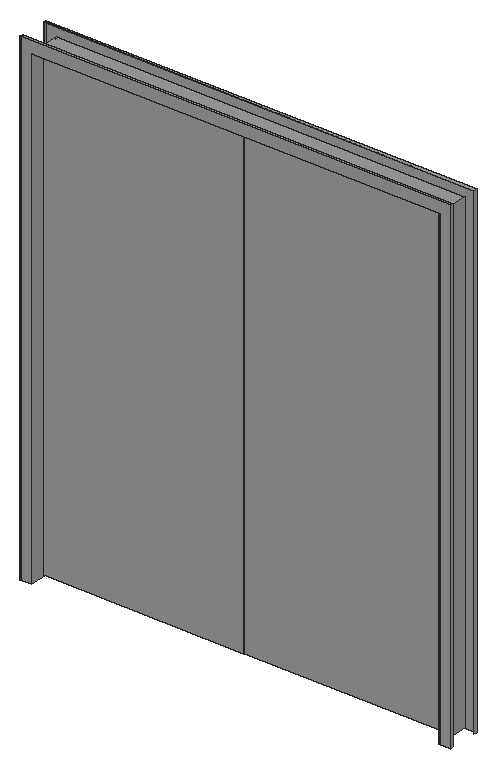
Revit family "gdlr200508_MMIDoor-COP", category Doors, host Wall, Revit 2014 (continued)
Automatic sketch dimensions
  Sweep 7 sketch curve to Sweep 7 sketch curve = 0' - 0 5/64"  (x2)
  Sweep 8 sketch curve to profile plane = 0' - 0"
  profile plane to Sweep 8 sketch curve = 0' - 0 5/64"
  profile plane to Sweep 8 sketch curve = 0' - 0 1/2"  (x2)
  Sweep 8 sketch curve to profile plane = 0' - 0.45771"  (x2)
  Sweep 8 sketch curve to Sweep 8 sketch curve = 0' - 0.04229"  (x2)
  Sweep 8 sketch curve to profile plane = 0' - 0 25/64"
  Sweep 8 sketch curve to Sweep 8 sketch curve = 0' - 0.39796"
  profile plane to Sweep 8 sketch curve = 0' - 0 9/64"
  Sweep 8 sketch curve to Sweep 8 sketch curve = 0' - 0"
  Sweep 8 sketch curve to profile plane = 0' - 0 5/16"
  Sweep 8 sketch curve to Sweep 8 sketch curve = 0' - 0.14433"  (x2)
  profile plane to Sweep 8 sketch curve = 0' - 0 1/16"
  Sweep 8 sketch curve to Sweep 8 sketch curve = 0' - 0 39/64"  (x2)
  Sweep 8 sketch curve to Sweep 8 sketch curve = 0' - 0 5/64"  (x2)
  profile plane to Sweep 9 sketch curve = 0' - 0 11/16"  (x2)
  Sweep 9 sketch curve to Sweep 9 sketch curve = 0' - 0 7/128"  (x6)
  profile plane to Sweep 9 sketch curve = 0' - 0 1/8"
  profile plane to Sweep 9 sketch curve = 0' - 0 9/128"
  Sweep 9 sketch curve to profile plane = 0' - 0 57/256"  (x2)
  Sweep 9 sketch curve to Sweep 9 sketch curve = 0' - 0 7/256"  (x2)
  Sweep 9 sketch curve to Sweep 9 sketch curve = 0' - 0.14648"  (x2)
  Sweep 9 sketch curve to Sweep 9 sketch curve = 0' - 0.06836"  (x2)
  Sweep 9 sketch curve to profile plane = 0' - 1 1/4"
  Sweep 9 sketch curve to Sweep 9 sketch curve = 0' - 0 25/128"  (x2)
  Sweep 9 sketch curve to Sweep 9 sketch curve = 0' - 0 33/128"  (x2)
  profile plane to Sweep 9 sketch curve = 0' - 0 7/16"
  Extrusion 6 to Sweep 10 sketch curve = 0' - 0 1/4"
  Sweep 10 sketch curve to Extrusion 6 = 0' - 0 1/4"
  profile plane to Sweep 10 sketch curve = 0' - 0 11/16"  (x2)
  Sweep 10 sketch curve to Sweep 10 sketch curve = 0' - 0 7/128"  (x6)
  profile plane to Sweep 10 sketch curve = 0' - 0 1/8"
  profile plane to Sweep 10 sketch curve = 0' - 0 9/128"
  Sweep 10 sketch curve to profile plane = 0' - 0 57/256"  (x2)
  Sweep 10 sketch curve to Sweep 10 sketch curve = 0' - 0 7/256"  (x2)
  Sweep 10 sketch curve to Sweep 10 sketch curve = 0' - 0.14648"  (x2)
  Sweep 10 sketch curve to Sweep 10 sketch curve = 0' - 0.06836"  (x2)
  Sweep 10 sketch curve to profile plane = 0' - 1 1/4"
  Sweep 10 sketch curve to Sweep 10 sketch curve = 0' - 0 25/128"  (x2)
  Sweep 10 sketch curve to Sweep 10 sketch curve = 0' - 0 33/128"  (x2)
  profile plane to Sweep 10 sketch curve = 0' - 0 7/16"
  plane 2 "Center (Left/Right)" to Extrusion 16 sketch curve = 0' - 0 1/8"
  Extrusion 16 sketch curve to level = 0' - 0 3/4"
  Sweep 19 sketch curve to profile plane = 0' - 0"
  profile plane to Sweep 19 sketch curve = 0' - 0 5/64"
  profile plane to Sweep 19 sketch curve = 0' - 0 1/2"  (x2)
  Sweep 19 sketch curve to profile plane = 0' - 0.45771"  (x2)
  Sweep 19 sketch curve to Sweep 19 sketch curve = 0' - 0.04229"  (x2)
  Sweep 19 sketch curve to profile plane = 0' - 0 25/64"
  Sweep 19 sketch curve to Sweep 19 sketch curve = 0' - 0.39796"
  profile plane to Sweep 19 sketch curve = 0' - 0 9/64"
  Sweep 19 sketch curve to Sweep 19 sketch curve = 0' - 0"
  Sweep 19 sketch curve to profile plane = 0' - 0 5/16"
  Sweep 19 sketch curve to Sweep 19 sketch curve = 0' - 0.14433"  (x2)
  profile plane to Sweep 19 sketch curve = 0' - 0 1/16"
  Sweep 19 sketch curve to Sweep 19 sketch curve = 0' - 0 39/64"  (x2)
  Sweep 19 sketch curve to Sweep 19 sketch curve = 0' - 0 5/64"  (x2)
  profile plane to Sweep 20 sketch curve = 0' - 0 11/16"  (x2)
  Sweep 20 sketch curve to Sweep 20 sketch curve = 0' - 0 7/128"  (x6)
  profile plane to Sweep 20 sketch curve = 0' - 0 1/8"
  profile plane to Sweep 20 sketch curve = 0' - 0 9/128"
  Sweep 20 sketch curve to profile plane = 0' - 0 57/256"  (x2)
  Sweep 20 sketch curve to Sweep 20 sketch curve = 0' - 0 7/256"  (x2)
  Sweep 20 sketch curve to Sweep 20 sketch curve = 0' - 0.14648"  (x2)
  Sweep 20 sketch curve to Sweep 20 sketch curve = 0' - 0.06836"  (x2)
  Sweep 20 sketch curve to profile plane = 0' - 1 1/4"
  Sweep 20 sketch curve to Sweep 20 sketch curve = 0' - 0 25/128"  (x2)
  Sweep 20 sketch curve to Sweep 20 sketch curve = 0' - 0 33/128"  (x2)
  profile plane to Sweep 20 sketch curve = 0' - 0 7/16"
  Sweep 22 sketch curve to profile plane = 0' - 0"
  profile plane to Sweep 22 sketch curve = 0' - 0 5/64"
  profile plane to Sweep 22 sketch curve = 0' - 0 1/2"  (x2)
  Sweep 22 sketch curve to profile plane = 0' - 0.45771"  (x2)
  Sweep 22 sketch curve to Sweep 22 sketch curve = 0' - 0.04229"  (x2)
  Sweep 22 sketch curve to profile plane = 0' - 0 25/64"
  Sweep 22 sketch curve to Sweep 22 sketch curve = 0' - 0.39796"
  profile plane to Sweep 22 sketch curve = 0' - 0 9/64"
  Sweep 22 sketch curve to Sweep 22 sketch curve = 0' - 0"
  Sweep 22 sketch curve to profile plane = 0' - 0 5/16"
  Sweep 22 sketch curve to Sweep 22 sketch curve = 0' - 0.14433"  (x2)
  profile plane to Sweep 22 sketch curve = 0' - 0 1/16"
  Sweep 22 sketch curve to Sweep 22 sketch curve = 0' - 0 39/64"  (x2)
  Sweep 22 sketch curve to Sweep 22 sketch curve = 0' - 0 5/64"  (x2)
  profile plane to Sweep 23 sketch curve = 0' - 0 11/16"  (x2)
  Sweep 23 sketch curve to Sweep 23 sketch curve = 0' - 0 7/128"  (x6)
  profile plane to Sweep 23 sketch curve = 0' - 0 1/8"
  profile plane to Sweep 23 sketch curve = 0' - 0 9/128"
  Sweep 23 sketch curve to profile plane = 0' - 0 57/256"  (x2)
  Sweep 23 sketch curve to Sweep 23 sketch curve = 0' - 0 7/256"  (x2)
  Sweep 23 sketch curve to Sweep 23 sketch curve = 0' - 0.14648"  (x2)
  Sweep 23 sketch curve to Sweep 23 sketch curve = 0' - 0.06836"  (x2)
  Sweep 23 sketch curve to profile plane = 0' - 1 1/4"
  Sweep 23 sketch curve to Sweep 23 sketch curve = 0' - 0 25/128"  (x2)
  Sweep 23 sketch curve to Sweep 23 sketch curve = 0' - 0 33/128"  (x2)
  profile plane to Sweep 23 sketch curve = 0' - 0 7/16"
  level to Extrusion 18 sketch curve = 0' - 6"
  curve 15 to curve 16 = 0' - 0"
  curve 17 to curve 18 = 0' - 0"
  Extrusion 33 sketch curve to Extrusion 33 sketch curve = 0' - 0.41808"  (x2)
  Extrusion 33 sketch curve to Extrusion 33 sketch curve = 0' - 0"  (x2)
  Extrusion 33 sketch curve to Extrusion 33 sketch curve = 0' - 0.01942"  (x2)
  Extrusion 33 sketch curve to Extrusion 33 sketch curve = 0' - 0 33/64"  (x2)
  Extrusion 33 sketch curve to Extrusion 33 sketch curve = 0' - 0.06629"
  Extrusion 33 sketch curve to Extrusion 33 sketch curve = 0' - 0 3/64"
  Extrusion 34 sketch curve to Extrusion 34 sketch curve = 0' - 0.41808"  (x2)
  Extrusion 34 sketch curve to Extrusion 34 sketch curve = 0' - 0"  (x2)
  Extrusion 34 sketch curve to Extrusion 34 sketch curve = 0' - 0.01942"  (x2)
  Extrusion 34 sketch curve to Extrusion 34 sketch curve = 0' - 0 33/64"  (x2)
  Extrusion 34 sketch curve to Extrusion 34 sketch curve = 0' - 0.06629"
  Extrusion 34 sketch curve to Extrusion 34 sketch curve = 0' - 0 3/64"
  Extrusion 35 sketch curve to Extrusion 35 sketch curve = 0' - 0.41808"  (x2)
  Extrusion 35 sketch curve to Extrusion 35 sketch curve = 0' - 0"  (x2)
  Extrusion 35 sketch curve to Extrusion 35 sketch curve = 0' - 0.01942"  (x2)
  Extrusion 35 sketch curve to Extrusion 35 sketch curve = 0' - 0 33/64"  (x2)
  Extrusion 35 sketch curve to Extrusion 35 sketch curve = 0' - 0.06629"
  Extrusion 35 sketch curve to Extrusion 35 sketch curve = 0' - 0 3/64"
  Extrusion 36 sketch curve to Extrusion 36 sketch curve = 0' - 0.41808"  (x2)
  Extrusion 36 sketch curve to Extrusion 36 sketch curve = 0' - 0"  (x2)
  Extrusion 36 sketch curve to Extrusion 36 sketch curve = 0' - 0.01942"  (x2)
  Extrusion 36 sketch curve to Extrusion 36 sketch curve = 0' - 0 33/64"  (x2)
  Extrusion 36 sketch curve to Extrusion 36 sketch curve = 0' - 0.06629"
  Extrusion 36 sketch curve to Extrusion 36 sketch curve = 0' - 0 3/64"
  Extrusion 37 sketch curve to Extrusion 37 sketch curve = 0' - 0.41808"  (x2)
  Extrusion 37 sketch curve to Extrusion 37 sketch curve = 0' - 0"  (x2)
  Extrusion 37 sketch curve to Extrusion 37 sketch curve = 0' - 0.01942"  (x2)
  Extrusion 37 sketch curve to Extrusion 37 sketch curve = 0' - 0 33/64"  (x2)
  Extrusion 37 sketch curve to Extrusion 37 sketch curve = 0' - 0.06629"
  Extrusion 37 sketch curve to Extrusion 37 sketch curve = 0' - 0 3/64"
  Extrusion 38 sketch curve to Extrusion 38 sketch curve = 0' - 0.41808"  (x2)
  Extrusion 38 sketch curve to Extrusion 38 sketch curve = 0' - 0"  (x2)
  Extrusion 38 sketch curve to Extrusion 38 sketch curve = 0' - 0.01942"  (x2)
  Extrusion 38 sketch curve to Extrusion 38 sketch curve = 0' - 0 33/64"  (x2)
  Extrusion 38 sketch curve to Extrusion 38 sketch curve = 0' - 0.06629"
  Extrusion 38 sketch curve to Extrusion 38 sketch curve = 0' - 0 3/64"
  Extrusion 39 sketch curve to Extrusion 39 sketch curve = 0' - 0.41808"  (x2)
  Extrusion 39 sketch curve to Extrusion 39 sketch curve = 0' - 0"  (x2)
  Extrusion 39 sketch curve to Extrusion 39 sketch curve = 0' - 0.01942"  (x2)
  Extrusion 39 sketch curve to Extrusion 39 sketch curve = 0' - 0 33/64"  (x2)
  Extrusion 39 sketch curve to Extrusion 39 sketch curve = 0' - 0.06629"
  Extrusion 39 sketch curve to Extrusion 39 sketch curve = 0' - 0 3/64"
  Extrusion 40 sketch curve to Extrusion 40 sketch curve = 0' - 0.41808"  (x2)
  Extrusion 40 sketch curve to Extrusion 40 sketch curve = 0' - 0"  (x2)
  Extrusion 40 sketch curve to Extrusion 40 sketch curve = 0' - 0.01942"  (x2)
  Extrusion 40 sketch curve to Extrusion 40 sketch curve = 0' - 0 33/64"  (x2)
  Extrusion 40 sketch curve to Extrusion 40 sketch curve = 0' - 0.06629"
  Extrusion 40 sketch curve to Extrusion 40 sketch curve = 0' - 0 3/64"
  Extrusion 41 sketch curve to Extrusion 41 sketch curve = 0' - 0.41808"  (x2)
  Extrusion 41 sketch curve to Extrusion 41 sketch curve = 0' - 0"  (x2)
  Extrusion 41 sketch curve to Extrusion 41 sketch curve = 0' - 0.01942"  (x2)
  Extrusion 41 sketch curve to Extrusion 41 sketch curve = 0' - 0 33/64"  (x2)
  Extrusion 41 sketch curve to Extrusion 41 sketch curve = 0' - 0.06629"
  Extrusion 41 sketch curve to Extrusion 41 sketch curve = 0' - 0 3/64"
  Extrusion 42 sketch curve to Extrusion 42 sketch curve = 0' - 0.41808"  (x2)
  Extrusion 42 sketch curve to Extrusion 42 sketch curve = 0' - 0"  (x2)
  Extrusion 42 sketch curve to Extrusion 42 sketch curve = 0' - 0.01942"  (x2)
  Extrusion 42 sketch curve to Extrusion 42 sketch curve = 0' - 0 33/64"  (x2)
  Extrusion 42 sketch curve to Extrusion 42 sketch curve = 0' - 0.06629"
  Extrusion 42 sketch curve to Extrusion 42 sketch curve = 0' - 0 3/64"
  Extrusion 43 sketch curve to Extrusion 43 sketch curve = 0' - 0.41808"  (x2)
  Extrusion 43 sketch curve to Extrusion 43 sketch curve = 0' - 0"  (x2)
  Extrusion 43 sketch curve to Extrusion 43 sketch curve = 0' - 0.01942"  (x2)
  Extrusion 43 sketch curve to Extrusion 43 sketch curve = 0' - 0 33/64"  (x2)
  Extrusion 43 sketch curve to Extrusion 43 sketch curve = 0' - 0.06629"
  Extrusion 43 sketch curve to Extrusion 43 sketch curve = 0' - 0 3/64"
  Extrusion 44 sketch curve to Extrusion 44 sketch curve = 0' - 0.41808"  (x2)
  Extrusion 44 sketch curve to Extrusion 44 sketch curve = 0' - 0"  (x2)
  Extrusion 44 sketch curve to Extrusion 44 sketch curve = 0' - 0.01942"  (x2)
  Extrusion 44 sketch curve to Extrusion 44 sketch curve = 0' - 0 33/64"  (x2)
  Extrusion 44 sketch curve to Extrusion 44 sketch curve = 0' - 0.06629"
  Extrusion 44 sketch curve to Extrusion 44 sketch curve = 0' - 0 3/64"
  Extrusion 45 sketch curve to Extrusion 45 sketch curve = 0' - 0.41808"  (x2)
  Extrusion 45 sketch curve to Extrusion 45 sketch curve = 0' - 0"  (x2)
  Extrusion 45 sketch curve to Extrusion 45 sketch curve = 0' - 0.01942"  (x2)
  Extrusion 45 sketch curve to Extrusion 45 sketch curve = 0' - 0 33/64"  (x2)
  Extrusion 45 sketch curve to Extrusion 45 sketch curve = 0' - 0.06629"
  Extrusion 45 sketch curve to Extrusion 45 sketch curve = 0' - 0 3/64"
  Extrusion 46 sketch curve to Extrusion 46 sketch curve = 0' - 0.41808"  (x2)
  Extrusion 46 sketch curve to Extrusion 46 sketch curve = 0' - 0"  (x2)
  Extrusion 46 sketch curve to Extrusion 46 sketch curve = 0' - 0.01942"  (x2)
  Extrusion 46 sketch curve to Extrusion 46 sketch curve = 0' - 0 33/64"  (x2)
  Extrusion 46 sketch curve to Extrusion 46 sketch curve = 0' - 0.06629"
  Extrusion 46 sketch curve to Extrusion 46 sketch curve = 0' - 0 3/64"
  Extrusion 47 sketch curve to Extrusion 47 sketch curve = 0' - 0.41808"  (x2)
  Extrusion 47 sketch curve to Extrusion 47 sketch curve = 0' - 0"  (x2)
  Extrusion 47 sketch curve to Extrusion 47 sketch curve = 0' - 0.01942"  (x2)
  Extrusion 47 sketch curve to Extrusion 47 sketch curve = 0' - 0 33/64"  (x2)
  Extrusion 47 sketch curve to Extrusion 47 sketch curve = 0' - 0.06629"
  Extrusion 47 sketch curve to Extrusion 47 sketch curve = 0' - 0 3/64"
  Extrusion 48 sketch curve to Extrusion 48 sketch curve = 0' - 0.41808"  (x2)
  Extrusion 48 sketch curve to Extrusion 48 sketch curve = 0' - 0"  (x2)
  Extrusion 48 sketch curve to Extrusion 48 sketch curve = 0' - 0.01942"  (x2)
  Extrusion 48 sketch curve to Extrusion 48 sketch curve = 0' - 0 33/64"  (x2)
  Extrusion 48 sketch curve to Extrusion 48 sketch curve = 0' - 0.06629"
  Extrusion 48 sketch curve to Extrusion 48 sketch curve = 0' - 0 3/64"
  Extrusion 49 sketch curve to Extrusion 49 sketch curve = 0' - 0"  (x2)
  Extrusion 49 sketch curve to Extrusion 49 sketch curve = 0' - 0.41808"  (x2)
  Extrusion 49 sketch curve to Extrusion 49 sketch curve = 0' - 0.01942"  (x2)
  Extrusion 49 sketch curve to Extrusion 49 sketch curve = 0' - 0 33/64"  (x2)
  Extrusion 49 sketch curve to Extrusion 49 sketch curve = 0' - 0.06629"
  Extrusion 49 sketch curve to Extrusion 49 sketch curve = 0' - 0 3/64"
  Extrusion 50 sketch curve to Extrusion 50 sketch curve = 0' - 0"  (x2)
  Extrusion 50 sketch curve to Extrusion 50 sketch curve = 0' - 0.41808"  (x2)
  Extrusion 50 sketch curve to Extrusion 50 sketch curve = 0' - 0.01942"  (x2)
  Extrusion 50 sketch curve to Extrusion 50 sketch curve = 0' - 0 33/64"  (x2)
  Extrusion 50 sketch curve to Extrusion 50 sketch curve = 0' - 0.06629"
  Extrusion 50 sketch curve to Extrusion 50 sketch curve = 0' - 0 3/64"
  Extrusion 51 sketch curve to Extrusion 51 sketch curve = 0' - 0"  (x2)
  Extrusion 51 sketch curve to Extrusion 51 sketch curve = 0' - 0.41808"  (x2)
  Extrusion 51 sketch curve to Extrusion 51 sketch curve = 0' - 0.01942"  (x2)
  Extrusion 51 sketch curve to Extrusion 51 sketch curve = 0' - 0 33/64"  (x2)
  Extrusion 51 sketch curve to Extrusion 51 sketch curve = 0' - 0.06629"
  Extrusion 51 sketch curve to Extrusion 51 sketch curve = 0' - 0 3/64"
  Extrusion 52 sketch curve to Extrusion 52 sketch curve = 0' - 0"  (x2)
  Extrusion 52 sketch curve to Extrusion 52 sketch curve = 0' - 0.41808"  (x2)
  Extrusion 52 sketch curve to Extrusion 52 sketch curve = 0' - 0.01942"  (x2)
  Extrusion 52 sketch curve to Extrusion 52 sketch curve = 0' - 0 33/64"  (x2)
  Extrusion 52 sketch curve to Extrusion 52 sketch curve = 0' - 0.06629"
  Extrusion 52 sketch curve to Extrusion 52 sketch curve = 0' - 0 3/64"
  Extrusion 53 sketch curve to Extrusion 53 sketch curve = 0' - 0"  (x2)
  Extrusion 53 sketch curve to Extrusion 53 sketch curve = 0' - 0.41808"  (x2)
  Extrusion 53 sketch curve to Extrusion 53 sketch curve = 0' - 0.01942"  (x2)
  Extrusion 53 sketch curve to Extrusion 53 sketch curve = 0' - 0 33/64"  (x2)
  Extrusion 53 sketch curve to Extrusion 53 sketch curve = 0' - 0.06629"
  Extrusion 53 sketch curve to Extrusion 53 sketch curve = 0' - 0 3/64"
  Extrusion 54 sketch curve to Extrusion 54 sketch curve = 0' - 0"  (x2)
  Extrusion 54 sketch curve to Extrusion 54 sketch curve = 0' - 0.41808"  (x2)
  Extrusion 54 sketch curve to Extrusion 54 sketch curve = 0' - 0.01942"  (x2)
  Extrusion 54 sketch curve to Extrusion 54 sketch curve = 0' - 0 33/64"  (x2)
  Extrusion 54 sketch curve to Extrusion 54 sketch curve = 0' - 0.06629"
  Extrusion 54 sketch curve to Extrusion 54 sketch curve = 0' - 0 3/64"
  Extrusion 55 sketch curve to Extrusion 55 sketch curve = 0' - 0"  (x2)
  Extrusion 55 sketch curve to Extrusion 55 sketch curve = 0' - 0.41808"  (x2)
  Extrusion 55 sketch curve to Extrusion 55 sketch curve = 0' - 0.01942"  (x2)
  Extrusion 55 sketch curve to Extrusion 55 sketch curve = 0' - 0 33/64"  (x2)
  Extrusion 55 sketch curve to Extrusion 55 sketch curve = 0' - 0.06629"
  Extrusion 55 sketch curve to Extrusion 55 sketch curve = 0' - 0 3/64"
  Extrusion 56 sketch curve to Extrusion 56 sketch curve = 0' - 0"  (x2)
  Extrusion 56 sketch curve to Extrusion 56 sketch curve = 0' - 0.41808"  (x2)
  Extrusion 56 sketch curve to Extrusion 56 sketch curve = 0' - 0.01942"  (x2)
  Extrusion 56 sketch curve to Extrusion 56 sketch curve = 0' - 0 33/64"  (x2)
  Extrusion 56 sketch curve to Extrusion 56 sketch curve = 0' - 0.06629"
  Extrusion 56 sketch curve to Extrusion 56 sketch curve = 0' - 0 3/64"
  Extrusion 57 sketch curve to Extrusion 57 sketch curve = 0' - 0.41808"  (x2)
  Extrusion 57 sketch curve to Extrusion 57 sketch curve = 0' - 0 3/64"  (x2)
  Extrusion 57 sketch curve to Extrusion 57 sketch curve = 0' - 0 33/64"  (x2)
  Extrusion 57 sketch curve to Extrusion 57 sketch curve = 0' - 0.06629"
  Extrusion 57 sketch curve to Extrusion 57 sketch curve = 0' - 0.01942"
  Extrusion 57 sketch curve to Extrusion 57 sketch curve = 0' - 0"  (x2)
  Extrusion 58 sketch curve to Extrusion 58 sketch curve = 0' - 0.41808"  (x2)
  Extrusion 58 sketch curve to Extrusion 58 sketch curve = 0' - 0 3/64"  (x2)
  Extrusion 58 sketch curve to Extrusion 58 sketch curve = 0' - 0 33/64"  (x2)
  Extrusion 58 sketch curve to Extrusion 58 sketch curve = 0' - 0.06629"
  Extrusion 58 sketch curve to Extrusion 58 sketch curve = 0' - 0.01942"
  Extrusion 58 sketch curve to Extrusion 58 sketch curve = 0' - 0"  (x2)
  Extrusion 59 sketch curve to Extrusion 59 sketch curve = 0' - 0.41808"  (x2)
  Extrusion 59 sketch curve to Extrusion 59 sketch curve = 0' - 0 3/64"  (x2)
  Extrusion 59 sketch curve to Extrusion 59 sketch curve = 0' - 0 33/64"  (x2)
  Extrusion 59 sketch curve to Extrusion 59 sketch curve = 0' - 0.06629"
  Extrusion 59 sketch curve to Extrusion 59 sketch curve = 0' - 0.01942"
  Extrusion 59 sketch curve to Extrusion 59 sketch curve = 0' - 0"  (x2)
  Extrusion 60 sketch curve to Extrusion 60 sketch curve = 0' - 0.41808"  (x2)
  Extrusion 60 sketch curve to Extrusion 60 sketch curve = 0' - 0 3/64"  (x2)
  Extrusion 60 sketch curve to Extrusion 60 sketch curve = 0' - 0 33/64"  (x2)
  Extrusion 60 sketch curve to Extrusion 60 sketch curve = 0' - 0.06629"
  Extrusion 60 sketch curve to Extrusion 60 sketch curve = 0' - 0.01942"
  Extrusion 60 sketch curve to Extrusion 60 sketch curve = 0' - 0"  (x2)
  Extrusion 61 sketch curve to Extrusion 61 sketch curve = 0' - 0.41808"  (x2)
  Extrusion 61 sketch curve to Extrusion 61 sketch curve = 0' - 0 3/64"  (x2)
  Extrusion 61 sketch curve to Extrusion 61 sketch curve = 0' - 0 33/64"  (x2)
  Extrusion 61 sketch curve to Extrusion 61 sketch curve = 0' - 0.06629"
  Extrusion 61 sketch curve to Extrusion 61 sketch curve = 0' - 0.01942"
  Extrusion 61 sketch curve to Extrusion 61 sketch curve = 0' - 0"  (x2)
  Extrusion 62 sketch curve to Extrusion 62 sketch curve = 0' - 0.41808"  (x2)
  Extrusion 62 sketch curve to Extrusion 62 sketch curve = 0' - 0 3/64"  (x2)
  Extrusion 62 sketch curve to Extrusion 62 sketch curve = 0' - 0 33/64"  (x2)
  Extrusion 62 sketch curve to Extrusion 62 sketch curve = 0' - 0.06629"
  Extrusion 62 sketch curve to Extrusion 62 sketch curve = 0' - 0.01942"
  Extrusion 62 sketch curve to Extrusion 62 sketch curve = 0' - 0"  (x2)
  Extrusion 63 sketch curve to Extrusion 63 sketch curve = 0' - 0.41808"  (x2)
  Extrusion 63 sketch curve to Extrusion 63 sketch curve = 0' - 0 3/64"  (x2)
  Extrusion 63 sketch curve to Extrusion 63 sketch curve = 0' - 0 33/64"  (x2)
  Extrusion 63 sketch curve to Extrusion 63 sketch curve = 0' - 0.06629"
  Extrusion 63 sketch curve to Extrusion 63 sketch curve = 0' - 0.01942"
  Extrusion 63 sketch curve to Extrusion 63 sketch curve = 0' - 0"  (x2)
  Extrusion 64 sketch curve to Extrusion 64 sketch curve = 0' - 0.41808"  (x2)
  Extrusion 64 sketch curve to Extrusion 64 sketch curve = 0' - 0 3/64"  (x2)
  Extrusion 64 sketch curve to Extrusion 64 sketch curve = 0' - 0 33/64"  (x2)
  Extrusion 64 sketch curve to Extrusion 64 sketch curve = 0' - 0.06629"
  Extrusion 64 sketch curve to Extrusion 64 sketch curve = 0' - 0.01942"
  Extrusion 64 sketch curve to Extrusion 64 sketch curve = 0' - 0"  (x2)
Types (11): name | Vision Cutout | Top Louver Blades | Narrow Cutout | Top Glass | Model | MMIOE HW Item VF | MMIOE HW Item LVR | Hardware Set | Half Cutout | Desired Cutout to Top | Desired Cutout to Strike Edge | Desired Cutout to Bottom | Desired Bottom Cutout Width | Desired Bottom Cutout Height | Description | Bottom Louver Blades | Bottom Glass | Bottom Cutout to Strike Edge | Bottom Cutout Width | Bottom Cutout Visibility | Bottom Cutout Height | Bottom Cutout | Full Cutout | Desired Top Cutout Width | Desired Top Cutout Height | Cutout to Top | Top Cutout to Strike Edge | Door Type | Top Cutout Width | Top Cutout Height | Top Cutout Visibility | Bottom Louver | Top Louver
  (no name) | no | 11 | no | no | "COP-F" | "" | "" | "01" | no | 0' - 0" | 0' - 0" | 0' - 0" | 1' - 0" | 1' - 0" | "Flush Single Door with Cased Opening Frame" | 11 | no | 0' - 11 5/8" | 1' - 0" | -0' - 1 3/4" | 1' - 0" | no | no | 1' - 0" | 1' - 0" | 0' - 7 7/8" | 0' - 11 5/8" | "Flush" | 1' - 0" | 1' - 0" | -0' - 1 3/4" | no | no
  F | no | 11 | no | no | "COP-F" | "" | "" | "01" | no | 0' - 0" | 0' - 0" | 0' - 0" | 1' - 0" | 1' - 0" | "Flush Single Door with Cased Opening Frame" | 11 | no | 0' - 11 5/8" | 1' - 0" | -0' - 1 3/4" | 1' - 0" | no | no | 1' - 0" | 1' - 0" | 0' - 7 7/8" | 0' - 11 5/8" | "Flush" | 1' - 0" | 1' - 0" | -0' - 1 3/4" | no | no
  HG | no | 31 | no | yes | "COP-HG" | "anemostat LOPRO" | "" | "06" | yes | 0' - 7 7/8" | 0' - 0" | 0' - 0" | 0' - 0" | 0' - 0" | "Half Glass Single Door with Cased Opening Frame" | 3 | no | 1' - 3 5/8" | 0' - 4" | -0' - 1 3/4" | 0' - 4" | no | no | 2' - 0" | 2' - 8" | 0' - 7 7/8" | 0' - 5 5/8" | "Half Glass" | 2' - 0" | 2' - 8" | 0' - 1 3/4" | no | no
  V | yes | 11 | no | yes | "COP-V" | "anemostat LOPRO" | "" | "10" | no | 0' - 7 7/8" | 0' - 0" | 0' - 0" | 0' - 0" | 0' - 0" | "Vision Single Door with Cased Opening Frame" | 3 | no | 1' - 3 5/8" | 0' - 4" | -0' - 1 3/4" | 0' - 4" | no | no | 1' - 0" | 1' - 0" | 0' - 7 7/8" | 0' - 11 5/8" | "Vision" | 1' - 0" | 1' - 0" | 0' - 1 3/4" | no | no
  NG | no | 34 | yes | yes | "COP-NG" | "anemostat LOPRO" | "" | "09" | no | 0' - 7 7/8" | 0' - 5 7/8" | 0' - 0" | 0' - 0" | 0' - 0" | "Narrow Glass Single Door with Cased Opening Frame" | 3 | no | 1' - 3 5/8" | 0' - 4" | -0' - 1 3/4" | 0' - 4" | no | no | 0' - 6" | 2' - 11" | 0' - 4 7/8" | 0' - 5 7/8" | "Narrow Glass" | 0' - 6" | 2' - 11" | 0' - 1 3/4" | no | no
  G2 | no | 31 | no | yes | "COP-G2" | "anemostat LOPRO" | "" | "04" | yes | 0' - 7 7/8" | 0' - 0" | 0' - 5 1/4" | 3' - 0" | 2' - 8" | "Double Glass Door with Cased Opening Frame" | 31 | yes | 0' - 5 5/8" | 2' - 0" | 0' - 1 3/4" | 2' - 8" | yes | no | 3' - 0" | 2' - 8" | 0' - 7 7/8" | 0' - 5 5/8" | "Double Glass" | 2' - 0" | 2' - 8" | 0' - 1 3/4" | no | no
  L2 | no | 31 | no | no | "COP-L2" | "" | "anemostat AFDL" | "08" | yes | 0' - 7 7/8" | 0' - 0" | 0' - 5 1/4" | 2' - 0" | 2' - 8" | "Double Louver Single Door with Cased Opening Frame" | 31 | no | 0' - 5 5/8" | 2' - 0" | 0' - 1 3/4" | 2' - 8" | yes | no | 2' - 0" | 2' - 8" | 0' - 7 7/8" | 0' - 5 5/8" | "Double Louver" | 2' - 0" | 2' - 8" | 0' - 1 3/4" | yes | yes
  L | no | 3 | no | no | "COP-L" | "" | "anemostat AFDL" | "07" | no | 0' - 0" | 0' - 0" | 0' - 5 1/4" | 2' - 0" | 1' - 0" | "Louver Single Door with Cased Opening Frame" | 11 | no | 0' - 5 5/8" | 2' - 0" | 0' - 1 3/4" | 1' - 0" | yes | no | 0' - 0" | 0' - 0" | 0' - 7 7/8" | 1' - 3 5/8" | "Louver" | 0' - 4" | 0' - 4" | -0' - 1 3/4" | yes | no
  GL | no | 31 | no | yes | "COP-GL" | "anemostat LOPRO" | "anemostat AFDL" | "05" | yes | 0' - 5 7/8" | 0' - 0" | 0' - 5 1/4" | 2' - 0" | 1' - 0" | "Glass & Louver Single Door with Cased Opening Frame" | 11 | no | 0' - 5 5/8" | 2' - 0" | 0' - 1 3/4" | 1' - 0" | yes | no | 2' - 0" | 2' - 8" | 0' - 7 7/8" | 0' - 5 5/8" | "Glass & Louver" | 2' - 0" | 2' - 8" | 0' - 1 3/4" | yes | no
  FL | no | 69 | no | no | "COP-FL" | "" | "anemostat AFDL" | "03" | no | 0' - 7 7/8" | 0' - 0" | 0' - 0" | 0' - 0" | 0' - 0" | "Full Louver Single Door with Cased Opening Frame" | 3 | no | 1' - 3 5/8" | 0' - 4" | -0' - 1 3/4" | 0' - 4" | no | yes | 2' - 0" | 5' - 10" | 0' - 7 7/8" | 0' - 5 5/8" | "Full Louver" | 2' - 0" | 5' - 10" | 0' - 1 3/4" | no | yes
  FG | no | 65 | no | yes | "COP-FG" | "anemostat LOPRO" | "" | "02" | no | 0' - 7 7/8" | 0' - 0" | 0' - 0" | 0' - 0" | 0' - 0" | "Full Glass Single Door with Cased Opening Frame" | 3 | no | 1' - 3 5/8" | 0' - 4" | -0' - 1 3/4" | 0' - 4" | no | yes | 2' - 0" | 5' - 6" | 0' - 7 7/8" | 0' - 5 5/8" | "Full Glass" | 2' - 0" | 5' - 6" | 0' - 1 3/4" | no | no
